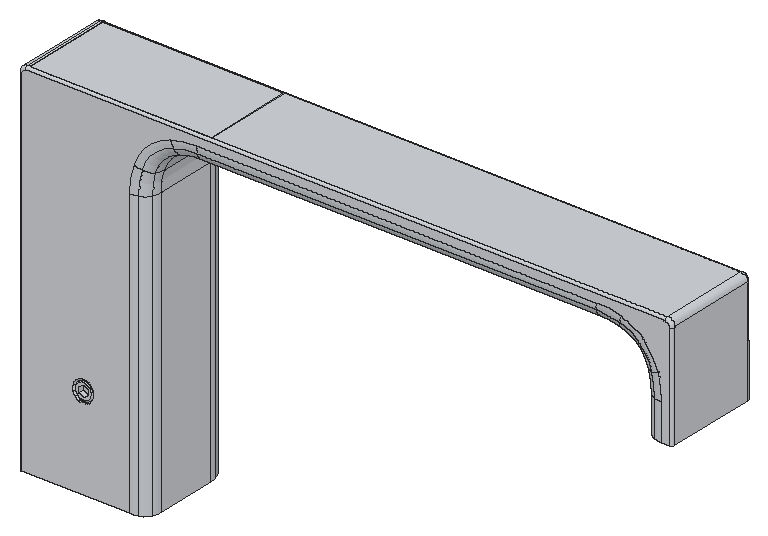
Revit family "Accessory-Tissue_Holder-KOHLER-STRAYT-K-37350T_1", category Specialty Equipment, host Face, Revit 2017
Family settings
  Host = Face
  Round Connector Dimension = Use Diameter
  Part Type = Normal
  OmniClass Number = 23.31.25.21
  Cut with Voids When Loaded = No
  Shared = No
  Room Calculation Point = No
Parameters (values of type "CP-Polished Chrome")
  Width = 6.37795"  # constant formula
  White C = Type = 3  # no
  WaterSense Certified = 1 = 0  # no
  WP = Type = 1  # yes
  URL = "http://www.kohler.com.cn/"
  Type = 1
  Red White C = or(Type = 2, Type = 3)  # no
  Red C = Type = 2  # no
  Product Page URL = "https://www.kohler.com.cn/product/K-37350T-CP/K-37350T-CP/"
  Product Name = "STRAYT"  # constant formula
  Product Documentation Link = "https://files.kohler.com.cn/pdfs/ri_37350t.pdf"
  Model = if(Type = 1, "K-37350T-CP", if(Type = 2, "K-37350T-DPR-CP", if(Type = 3, "K-37350T-DPW-CP", "NA")))  # "K-37350T-CP"
  Material = "Premium Metal Costruction "  # constant formula
  Master Format 2014 Name = "Toilet, Bath, and Laundry Accessories"  # constant formula
  Master Format 2014 = "10 28 00"  # constant formula
  Manufacturer Address = "Kohler Beijing Office (100016) 36-2-03-B, No. 88, Liuxiang Road, Beijing"  # constant formula
  Manufacturer = "KOHLER Co."  # constant formula
  Length = 3.54331"  # constant formula
  Height = 0.94488"  # constant formula
  Finish = Kohler-Metal-CP-Polished_Chrome
  Environmental Product Declaration = ""
  Description = "Toilet paper dispenser"  # constant formula
  Default Elevation = 42"
  Declare Label = ""
  Date Modified = "08/28/2020"  # constant formula
  Date Created = "08/28/2020"  # constant formula
  Copyright = "Copyright KOHLER Co."  # constant formula
  Contact Us = "http://www.kohler.com.cn/contact/contact-us/"
  Assembly Code = "C1030200"
  ADA Compliant = 1 = 0  # no
Types (4): name | White C | WP | Type | Red White C | Red C | Product Page URL | Model
  (no name) | no | yes | 1 | no | no | "https://www.kohler.com.cn/product/K-37350T-CP/K-37350T-CP/" | "K-37350T-CP"
  CP-Polished Chrome | no | yes | 1 | no | no | "https://www.kohler.com.cn/product/K-37350T-CP/K-37350T-CP/" | "K-37350T-CP"
  DPR, CP-Polished Chrome | no | no | 2 | yes | yes | "https://www.kohler.com.cn/product/K-37350T-CP/K-37350T-DPR-CP/" | "K-37350T-DPR-CP"
  DPW, CP-Polished Chrome | yes | no | 3 | yes | no | "https://www.kohler.com.cn/product/K-37350T-CP/K-37350T-DPW-CP/" | "K-37350T-DPW-CP"
Reference planes (in)
  plane 1 "Center (Front/Back)": y = 0
  plane 2: z = 0
  plane 3 "Center (Left/Right)": x = 0
  plane 4: y = 0.47244
  plane 5: x = 3.18898
  plane 6: x = -3.18898
  plane 7: y = -0.47244
  plane 8: x = -1.92913
  plane 9: z = 3.54331
  plane 10: z = 3.54331
  plane 11: z = 2.44094
  plane 12: y = -0.44488
  plane 13: y = 0.44488
  plane 14: x = -3.16142
  plane 15: x = 3.16142
  plane 16: z = 3.26578
  plane 17: z = 3.43989
Dimensions and locks (in)
  "Width": plane 6 to plane 5
  "Height": plane 4 to plane 7
  plane 8 to plane 6 = 1.25984"
  "Length": plane 9 to level
  level to plane 11 = 2.44094"
  aligned and locked: plane 2 to host face
  aligned and locked: level to host face
Automatic sketch dimensions
  host sketch curve to host sketch curve = 96"  (x2)
Nested families (in)
  nested 1: "K-37350T" at (0, 0, 0), type "K-37350T"
Definition of nested family "K-37350T"
  Parameters (values of type "K-37350T")
    Without Pattern = yes
    WC = yes
    RWC = yes
    RC = yes
    Pattern = yes
    Material = none
  Reference planes (in)
    plane 1 "Center (Front/Back)": y = 0
    plane 2: z = 0
    plane 3 "Center (Left/Right)": x = 0
    plane 4: x = 3.18898
    plane 5: x = -3.18898
    plane 6: y = 0.47244
    plane 7: y = -0.47244
    plane 8: x = -1.92913
    plane 9: z = 3.54331
    plane 10: z = 2.44094
    plane 11: y = 0.44488
    plane 12: y = -0.44488
    plane 13: x = -3.16142
    plane 14: x = 3.16142
    plane 15: z = 3.51575
    plane 16: z = 3.43989
    plane 17: z = 3.26578
    plane 18: x = -2.10356
  Forms (in)
    Extrusion 1, solid, material <- "Material", detail levels medium+fine
      sketch origin (0, 0, 0) x (1, 0, 0) y (0, 0, 1)
        loop
          line (-3.16142, 3.47638) -> (-3.16142, 0) -> (-2.14766, 0) -> (-2.14766, 2.79667)
          arc (-2.14766, 2.79667) -> (-2.13656, 2.93642) -> (-2.10356, 3.07267) r 0.88577
          arc (-2.10356, 3.07267) -> (-1.95902, 3.30507) -> (-1.72362, 3.44468) r 0.57677
          arc (-1.72362, 3.44468) -> (-1.59176, 3.47442) -> (-1.45695, 3.48441) r 0.91487
          line (-1.45695, 3.48441) -> (2.44065, 3.48441)
          arc (2.44065, 3.48441) -> (2.57031, 3.47562) -> (2.69758, 3.44942) r 0.96078
          arc (2.69758, 3.44942) -> (2.94836, 3.30323) -> (3.09483, 3.05262) r 0.57087
          arc (3.09483, 3.05262) -> (3.12111, 2.92552) -> (3.12992, 2.79602) r 0.95565
          line (3.12992, 2.79602) -> (3.12992, 2.44094) -> (3.16142, 2.44094) -> (3.16142, 3.47638)
          arc (3.16142, 3.47638) -> (3.14989, 3.50422) -> (3.12205, 3.51575) r 0.03937
          line (3.12205, 3.51575) -> (-3.12205, 3.51575)
          arc (-3.12205, 3.51575) -> (-3.14989, 3.50422) -> (-3.16142, 3.47638) r 0.03937
      from -0.47244 to 0.47244
    Sweep 2, solid, material <- "Material", detail levels medium+fine
      path origin (0, 0, 0) x (1, 0, 0) y (0, 0, 1)
        loop
          line (-2.10828, 0) -> (-2.10828, 2.79667)
          arc (-2.10828, 2.79667) -> (-2.09768, 2.93021) -> (-2.06615, 3.0604) r 0.8464
          arc (-2.06615, 3.0604) -> (-1.93147, 3.27694) -> (-1.71214, 3.40702) r 0.5374
          arc (-1.71214, 3.40702) -> (-1.58596, 3.43548) -> (-1.45695, 3.44504) r 0.8755
          line (-1.45695, 3.44504) -> (2.44065, 3.44504)
          arc (2.44065, 3.44504) -> (2.56499, 3.43661) -> (2.68706, 3.41148) r 0.92141
          arc (2.68706, 3.41148) -> (2.92054, 3.27538) -> (3.0569, 3.04205) r 0.5315
          arc (3.0569, 3.04205) -> (3.0821, 2.92018) -> (3.09055, 2.79602) r 0.91628
          line (3.09055, 2.79602) -> (3.09055, 2.44094)
      profile origin (-2.10828, 0, 1.39834) x (-1, 0, 0) y (0, -1, 0)
        loop
          line (0.03937, 0.47244) -> (-0.00472, 0.47244)
          arc (-0.00472, 0.47244) -> (-0.04241, 0.46972) -> (-0.07931, 0.46162) r 0.26243
          arc (-0.07931, 0.46162) -> (-0.12757, 0.43524) -> (-0.16071, 0.39135) r 0.13071
          arc (-0.16071, 0.39135) -> (-0.17449, 0.35061) -> (-0.17915, 0.30787) r 0.19822
          line (-0.17915, 0.30787) -> (-0.17915, -0.29528)
          arc (-0.17915, -0.29528) -> (-0.17612, -0.33559) -> (-0.16708, -0.37499) r 0.26917
          arc (-0.16708, -0.37499) -> (-0.1341, -0.42925) -> (-0.07945, -0.46158) r 0.13071
          arc (-0.07945, -0.46158) -> (-0.04248, -0.46971) -> (-0.00472, -0.47244) r 0.26243
          line (-0.00472, -0.47244) -> (0.03937, -0.47244) -> (0.03937, 0.47244)
    Sweep 3, solid, material <- "Material", detail levels medium+fine
      path origin (0, 0, 0) x (1, 0, 0) y (0, 0, 1)
        loop
          line (3.16142, 2.44094) -> (3.16142, 3.47638)
          arc (3.16142, 3.47638) -> (3.14989, 3.50422) -> (3.12205, 3.51575) r 0.03937
          line (3.12205, 3.51575) -> (-3.12205, 3.51575)
          arc (-3.12205, 3.51575) -> (-3.14989, 3.50422) -> (-3.16142, 3.47638) r 0.03937
          line (-3.16142, 3.47638) -> (-3.16142, 0)
      profile origin (-3.16142, 0, 1.73819) x (0, -1, 0) y (1, 0, 0)
        loop
          arc (0.44488, -0.02756) -> (0.46437, -0.01949) -> (0.47244, 0) r 0.02756
          line (0.47244, 0) -> (0.47244, 0.03091) -> (-0.47244, 0.03091) -> (-0.47244, 0)
          arc (-0.47244, 0) -> (-0.46437, -0.01949) -> (-0.44488, -0.02756) r 0.02756
          line (-0.44488, -0.02756) -> (0.44488, -0.02756)
    Extrusion 4, void
      sketch origin (0, 0, 0) x (1, 0, 0) y (0, 0, 1)
        loop
          line (-2.60827, 0.93392) -> (-2.60827, 0.8771) -> (-2.55906, 0.84869) -> (-2.50984, 0.8771) -> (-2.50984, 0.93392) -> (-2.55906, 0.96234) -> (-2.60827, 0.93392)
      from 0.41339 to 0.47244
    Revolve 5, void
      sketch origin (-2.55906, 0, 0) x (0, 1, 0) y (0, 0, 1)
        loop
          line (-0.46034, 0.99631) -> (-0.48284, 1.01881) -> (-0.48284, 0.97381) -> (-0.46034, 0.99631)
        axis (-0.48284, 0.90551) -> (-0.44347, 0.90551)
      angle from 0 to 360
    Extrusion 6, solid, material <- "Material", detail levels coarse
      sketch origin (0, 0, 0) x (1, 0, 0) y (0, 0, 1)
        loop
          line (-3.18898, 3.54331) -> (-3.18898, 0) -> (-1.92913, 0) -> (-1.92913, 2.84418)
          arc (-1.92913, 2.84418) -> (-1.80565, 3.14229) -> (-1.50754, 3.26578) r 0.42159
          line (-1.50754, 3.26578) -> (2.5177, 3.26578)
          arc (2.5177, 3.26578) -> (2.79609, 3.15046) -> (2.9114, 2.87207) r 0.3937
          line (2.9114, 2.87207) -> (2.9114, 2.44094) -> (3.18898, 2.44094) -> (3.18898, 3.54331) -> (-3.18898, 3.54331)
      from -0.47244 to 0.47244
    Extrusion 7, void
      sketch origin (0, 0, 0) x (1, 0, 0) y (0, 1, 0)
        loop
          line (-1.49827, 0.37402) -> (-1.54479, 0.37402)
          arc (-1.54479, 0.37402) -> (-1.56089, 0.37003) -> (-1.57327, 0.359) r 0.0345
          line (-1.57327, 0.359) -> (-1.64309, 0.25698)
          arc (-1.64309, 0.25698) -> (-1.64822, 0.23586) -> (-1.63807, 0.21664) r 0.03068
          line (-1.63807, 0.21664) -> (-1.50603, 0.10018)
          arc (-1.50603, 0.10018) -> (-1.48688, 0.0973) -> (-1.47638, 0.11357) r 0.01785
          line (-1.47638, 0.11357) -> (-1.47638, 0.35213)
          arc (-1.47638, 0.35213) -> (-1.48279, 0.3676) -> (-1.49827, 0.37402) r 0.02189
        loop
          line (-1.789, 0.34976) -> (-1.70831, 0.27859)
          arc (-1.70831, 0.27859) -> (-1.68966, 0.27283) -> (-1.673, 0.28299) r 0.02375
          line (-1.673, 0.28299) -> (-1.62599, 0.35168)
          arc (-1.62599, 0.35168) -> (-1.62514, 0.3664) -> (-1.63777, 0.37402) r 0.01428
          line (-1.63777, 0.37402) -> (-1.77983, 0.37402)
          arc (-1.77983, 0.37402) -> (-1.7928, 0.36505) -> (-1.789, 0.34976) r 0.01386
        loop
          line (-1.61875, 0.1471) -> (-1.85737, 0.35756)
          arc (-1.85737, 0.35756) -> (-1.87763, 0.36976) -> (-1.90091, 0.37402) r 0.06582
          line (-1.90091, 0.37402) -> (-2.05174, 0.37402)
          arc (-2.05174, 0.37402) -> (-2.06901, 0.36431) -> (-2.06969, 0.3445) r 0.02022
          line (-2.06969, 0.3445) -> (-2.00213, 0.21403)
          arc (-2.00213, 0.21403) -> (-1.9915, 0.20145) -> (-1.97647, 0.19471) r 0.03711
          line (-1.97647, 0.19471) -> (-1.62965, 0.12513)
          arc (-1.62965, 0.12513) -> (-1.61577, 0.13194) -> (-1.61875, 0.1471) r 0.0127
        loop
          line (-1.54887, 0.06878) -> (-1.7041, 0.09991)
          arc (-1.7041, 0.09991) -> (-1.72226, 0.09607) -> (-1.73195, 0.08025) r 0.02348
          line (-1.73195, 0.08025) -> (-1.75503, -0.07978)
          arc (-1.75503, -0.07978) -> (-1.73569, -0.11668) -> (-1.69458, -0.10989) r 0.03556
          line (-1.69458, -0.10989) -> (-1.54148, 0.04454)
          arc (-1.54148, 0.04454) -> (-1.53794, 0.05886) -> (-1.54887, 0.06878) r 0.01439
        loop
          line (-1.84929, -0.03145) -> (-1.78775, 0.03571)
          arc (-1.78775, 0.03571) -> (-1.77866, 0.04923) -> (-1.77395, 0.06483) r 0.05466
          line (-1.77395, 0.06483) -> (-1.76707, 0.11255) -> (-1.94149, 0.14753)
          arc (-1.94149, 0.14753) -> (-1.95575, 0.14211) -> (-1.95702, 0.12692) r 0.01432
          line (-1.95702, 0.12692) -> (-1.87692, -0.02778)
          arc (-1.87692, -0.02778) -> (-1.86406, -0.03681) -> (-1.84929, -0.03145) r 0.017
        loop
          line (-1.98797, 0.10106) -> (-2.1146, 0.34562)
          arc (-2.1146, 0.34562) -> (-2.12772, 0.3536) -> (-2.14085, 0.34563) r 0.01478
          line (-2.14085, 0.34563) -> (-2.22471, 0.18399)
          arc (-2.22471, 0.18399) -> (-2.22551, 0.16889) -> (-2.21467, 0.15834) r 0.01831
          line (-2.21467, 0.15834) -> (-2.00432, 0.08241)
          arc (-2.00432, 0.08241) -> (-1.98978, 0.08616) -> (-1.98797, 0.10106) r 0.01332
        loop
          line (-2.2579, 0.2055) -> (-2.18342, 0.34908)
          arc (-2.18342, 0.34908) -> (-2.18398, 0.36581) -> (-2.19857, 0.37402) r 0.01708
          line (-2.19857, 0.37402) -> (-2.44708, 0.37402)
          arc (-2.44708, 0.37402) -> (-2.46399, 0.36529) -> (-2.46667, 0.34645) r 0.02075
          line (-2.46667, 0.34645) -> (-2.43546, 0.25676)
          arc (-2.43546, 0.25676) -> (-2.42437, 0.23896) -> (-2.4067, 0.22766) r 0.04756
          line (-2.4067, 0.22766) -> (-2.29985, 0.18909)
          arc (-2.29985, 0.18909) -> (-2.27579, 0.18941) -> (-2.2579, 0.2055) r 0.03419
        loop
          line (-2.06794, 0.04969) -> (-2.17579, -0.01274)
          arc (-2.17579, -0.01274) -> (-2.19072, -0.02565) -> (-2.19986, -0.04314) r 0.05277
          line (-2.19986, -0.04314) -> (-2.22415, -0.12346)
          arc (-2.22415, -0.12346) -> (-2.22347, -0.13865) -> (-2.21342, -0.15007) r 0.02291
          line (-2.21342, -0.15007) -> (-2.06225, -0.23484)
          arc (-2.06225, -0.23484) -> (-2.04582, -0.23777) -> (-2.03112, -0.22985) r 0.02538
          line (-2.03112, -0.22985) -> (-1.90797, -0.09548)
          arc (-1.90797, -0.09548) -> (-1.90049, -0.07944) -> (-1.90353, -0.06201) r 0.02948
          line (-1.90353, -0.06201) -> (-1.93497, -0.00128)
          arc (-1.93497, -0.00128) -> (-1.94857, 0.01608) -> (-1.96756, 0.02728) r 0.05941
          line (-1.96756, 0.02728) -> (-2.03724, 0.05244)
          arc (-2.03724, 0.05244) -> (-2.0529, 0.05446) -> (-2.06794, 0.04969) r 0.03652
        loop
          line (-1.81614, -0.05354) -> (-1.99364, -0.24723)
          arc (-1.99364, -0.24723) -> (-1.99827, -0.26267) -> (-1.98905, -0.27589) r 0.01852
          line (-1.98905, -0.27589) -> (-1.8562, -0.35039)
          arc (-1.8562, -0.35039) -> (-1.84103, -0.35079) -> (-1.83212, -0.33852) r 0.01628
          line (-1.83212, -0.33852) -> (-1.79263, -0.06467)
          arc (-1.79263, -0.06467) -> (-1.80027, -0.05043) -> (-1.81614, -0.05354) r 0.01361
        loop
          line (-1.76929, -0.17867) -> (-1.79426, -0.35178)
          arc (-1.79426, -0.35178) -> (-1.78971, -0.3673) -> (-1.775, -0.37402) r 0.01946
          line (-1.775, -0.37402) -> (-1.62949, -0.37402)
          arc (-1.62949, -0.37402) -> (-1.61258, -0.36354) -> (-1.61444, -0.34373) r 0.01888
          line (-1.61444, -0.34373) -> (-1.74437, -0.17224)
          arc (-1.74437, -0.17224) -> (-1.75897, -0.16716) -> (-1.76929, -0.17867) r 0.01395
        loop
          line (-1.63008, -0.25788) -> (-1.54209, -0.37402) -> (-1.49895, -0.37402)
          arc (-1.49895, -0.37402) -> (-1.48299, -0.36741) -> (-1.47638, -0.35145) r 0.02257
          line (-1.47638, -0.35145) -> (-1.47638, -0.30592)
          arc (-1.47638, -0.30592) -> (-1.48184, -0.28894) -> (-1.49619, -0.27833) r 0.02912
          line (-1.49619, -0.27833) -> (-1.61576, -0.23798)
          arc (-1.61576, -0.23798) -> (-1.63027, -0.24264) -> (-1.63008, -0.25788) r 0.01283
        loop
          line (-1.67329, -0.17701) -> (-1.49994, -0.23551)
          arc (-1.49994, -0.23551) -> (-1.48382, -0.23309) -> (-1.47638, -0.21859) r 0.01785
          line (-1.47638, -0.21859) -> (-1.47641, 0.02146)
          arc (-1.47641, 0.02146) -> (-1.48477, 0.03394) -> (-1.4995, 0.03096) r 0.0135
          line (-1.4995, 0.03096) -> (-1.67953, -0.15062)
          arc (-1.67953, -0.15062) -> (-1.68373, -0.16555) -> (-1.67329, -0.17701) r 0.01598
        loop
          line (-2.27367, -0.0694) -> (-2.46902, -0.18248)
          arc (-2.46902, -0.18248) -> (-2.4783, -0.19565) -> (-2.47433, -0.21126) r 0.01925
          line (-2.47433, -0.21126) -> (-2.3621, -0.34974)
          arc (-2.3621, -0.34974) -> (-2.34521, -0.35586) -> (-2.33189, -0.34381) r 0.01742
          line (-2.33189, -0.34381) -> (-2.25371, -0.08521)
          arc (-2.25371, -0.08521) -> (-2.25832, -0.07052) -> (-2.27367, -0.0694) r 0.01369
        loop
          arc (-2.13353, 0.05722) -> (-2.12504, 0.07359) -> (-2.13629, 0.08819) r 0.01715
          line (-2.13629, 0.08819) -> (-2.37939, 0.17595)
          arc (-2.37939, 0.17595) -> (-2.39628, 0.17223) -> (-2.40019, 0.15539) r 0.0162
          line (-2.40019, 0.15539) -> (-2.33511, -0.03162)
          arc (-2.33511, -0.03162) -> (-2.32302, -0.04397) -> (-2.3058, -0.04251) r 0.02028
          line (-2.3058, -0.04251) -> (-2.13353, 0.05722)
        loop
          arc (-2.4726, 0.08634) -> (-2.49534, 0.09186) -> (-2.5173, 0.08378) r 0.04018
          line (-2.5173, 0.08378) -> (-2.61471, 0.01)
          arc (-2.61471, 0.01) -> (-2.6261, -0.00983) -> (-2.61978, -0.0318) r 0.02929
          line (-2.61978, -0.0318) -> (-2.53066, -0.14176)
          arc (-2.53066, -0.14176) -> (-2.51179, -0.15297) -> (-2.49016, -0.14923) r 0.03169
          line (-2.49016, -0.14923) -> (-2.38237, -0.08683)
          arc (-2.38237, -0.08683) -> (-2.36978, -0.0719) -> (-2.36958, -0.05237) r 0.02886
          line (-2.36958, -0.05237) -> (-2.39744, 0.0277)
          arc (-2.39744, 0.0277) -> (-2.40627, 0.04347) -> (-2.41998, 0.05524) r 0.05173
          line (-2.41998, 0.05524) -> (-2.4726, 0.08634)
        loop
          line (-2.84327, 0.35112) -> (-2.45806, 0.12348)
          arc (-2.45806, 0.12348) -> (-2.44137, 0.12475) -> (-2.43682, 0.14087) r 0.01462
          line (-2.43682, 0.14087) -> (-2.51121, 0.35463)
          arc (-2.51121, 0.35463) -> (-2.52175, 0.36868) -> (-2.53848, 0.37402) r 0.02888
          line (-2.53848, 0.37402) -> (-2.83701, 0.37402)
          arc (-2.83701, 0.37402) -> (-2.84888, 0.36495) -> (-2.84327, 0.35112) r 0.01231
        loop
          line (-2.19155, -0.20747) -> (-2.22033, -0.19134)
          arc (-2.22033, -0.19134) -> (-2.23686, -0.19028) -> (-2.24804, -0.2025) r 0.01916
          line (-2.24804, -0.2025) -> (-2.29265, -0.35006)
          arc (-2.29265, -0.35006) -> (-2.28978, -0.36651) -> (-2.27486, -0.37402) r 0.01858
          line (-2.27486, -0.37402) -> (-2.16196, -0.37402)
          arc (-2.16196, -0.37402) -> (-2.14719, -0.36693) -> (-2.14347, -0.35099) r 0.01893
          line (-2.14347, -0.35099) -> (-2.16834, -0.23873)
          arc (-2.16834, -0.23873) -> (-2.17661, -0.22062) -> (-2.19155, -0.20747) r 0.04765
        loop
          line (-2.12037, -0.27326) -> (-2.10257, -0.3536)
          arc (-2.10257, -0.3536) -> (-2.09345, -0.36828) -> (-2.07714, -0.37402) r 0.02605
          line (-2.07714, -0.37402) -> (-1.94061, -0.37402)
          arc (-1.94061, -0.37402) -> (-1.92897, -0.36503) -> (-1.93473, -0.35149) r 0.01203
          line (-1.93473, -0.35149) -> (-2.10052, -0.25852)
          arc (-2.10052, -0.25852) -> (-2.11522, -0.25946) -> (-2.12037, -0.27326) r 0.01354
        loop
          line (-2.64034, -0.37402) -> (-2.42266, -0.37402)
          arc (-2.42266, -0.37402) -> (-2.40994, -0.36599) -> (-2.41171, -0.35105) r 0.01409
          line (-2.41171, -0.35105) -> (-2.44843, -0.30575)
          arc (-2.44843, -0.30575) -> (-2.46501, -0.29139) -> (-2.48553, -0.28361) r 0.0627
          line (-2.48553, -0.28361) -> (-2.57565, -0.26663)
          arc (-2.57565, -0.26663) -> (-2.59448, -0.26872) -> (-2.60893, -0.28099) r 0.0324
          line (-2.60893, -0.28099) -> (-2.65332, -0.35027)
          arc (-2.65332, -0.35027) -> (-2.65387, -0.36599) -> (-2.64034, -0.37402) r 0.01542
        loop
          line (-2.93155, -0.22227) -> (-2.78215, -0.36076)
          arc (-2.78215, -0.36076) -> (-2.74286, -0.37407) -> (-2.70674, -0.35364) r 0.05079
          line (-2.70674, -0.35364) -> (-2.65103, -0.27805)
          arc (-2.65103, -0.27805) -> (-2.64882, -0.2612) -> (-2.66192, -0.25037) r 0.01757
          line (-2.66192, -0.25037) -> (-2.9211, -0.20153)
          arc (-2.9211, -0.20153) -> (-2.93413, -0.20796) -> (-2.93155, -0.22227) r 0.01209
        loop
          line (-2.97444, -0.2362) -> (-3.0669, -0.15049)
          arc (-3.0669, -0.15049) -> (-3.0821, -0.14792) -> (-3.09055, -0.16082) r 0.01408
          line (-3.09055, -0.16082) -> (-3.09055, -0.3206)
          arc (-3.09055, -0.3206) -> (-3.08252, -0.3338) -> (-3.06709, -0.33273) r 0.01487
          line (-3.06709, -0.33273) -> (-2.97658, -0.26865)
          arc (-2.97658, -0.26865) -> (-2.96778, -0.25294) -> (-2.97444, -0.2362) r 0.02095
        loop
          line (-2.99647, -0.14726) -> (-2.93975, -0.15795)
          arc (-2.93975, -0.15795) -> (-2.91074, -0.1573) -> (-2.88449, -0.14495) r 0.07004
          line (-2.88449, -0.14495) -> (-2.79763, -0.07916)
          arc (-2.79763, -0.07916) -> (-2.78496, -0.06078) -> (-2.78573, -0.03846) r 0.0356
          line (-2.78573, -0.03846) -> (-2.81316, 0.03584) -> (-2.93553, 0.13728)
          arc (-2.93553, 0.13728) -> (-2.95544, 0.14201) -> (-2.9713, 0.12908) r 0.02311
          line (-2.9713, 0.12908) -> (-3.06364, -0.07321)
          arc (-3.06364, -0.07321) -> (-3.06565, -0.09061) -> (-3.0571, -0.1059) r 0.02846
          line (-3.0571, -0.1059) -> (-3.03155, -0.12957)
          arc (-3.03155, -0.12957) -> (-3.01526, -0.14089) -> (-2.99647, -0.14726) r 0.07094
        loop
          line (-2.52441, -0.212) -> (-2.65427, -0.05177)
          arc (-2.65427, -0.05177) -> (-2.67148, -0.04225) -> (-2.69046, -0.04738) r 0.02621
          line (-2.69046, -0.04738) -> (-2.83113, -0.15392)
          arc (-2.83113, -0.15392) -> (-2.83645, -0.1687) -> (-2.8251, -0.17956) r 0.0144
          line (-2.8251, -0.17956) -> (-2.5374, -0.23378)
          arc (-2.5374, -0.23378) -> (-2.5233, -0.22743) -> (-2.52441, -0.212) r 0.0135
        loop
          line (-2.86494, 0.28975) -> (-2.75279, -0.01401)
          arc (-2.75279, -0.01401) -> (-2.74012, -0.02583) -> (-2.72308, -0.0227) r 0.01927
          line (-2.72308, -0.0227) -> (-2.55306, 0.10608)
          arc (-2.55306, 0.10608) -> (-2.54621, 0.12091) -> (-2.55471, 0.13486) r 0.01735
          line (-2.55471, 0.13486) -> (-2.84499, 0.3064)
          arc (-2.84499, 0.3064) -> (-2.86084, 0.30512) -> (-2.86494, 0.28975) r 0.01379
        loop
          line (-3.09055, 0.23413) -> (-3.09055, 0.01634)
          arc (-3.09055, 0.01634) -> (-3.08136, 0.00493) -> (-3.06825, 0.01149) r 0.01168
          line (-3.06825, 0.01149) -> (-2.99912, 0.16294)
          arc (-2.99912, 0.16294) -> (-2.99729, 0.18094) -> (-3.00677, 0.19633) r 0.02817
          line (-3.00677, 0.19633) -> (-3.06618, 0.24558)
          arc (-3.06618, 0.24558) -> (-3.082, 0.24759) -> (-3.09055, 0.23413) r 0.01487
        loop
          line (-3.09055, 0.31692) -> (-2.87885, 0.14143)
          arc (-2.87885, 0.14143) -> (-2.86252, 0.14081) -> (-2.85768, 0.15642) r 0.01343
          line (-2.85768, 0.15642) -> (-2.92961, 0.35123)
          arc (-2.92961, 0.35123) -> (-2.94238, 0.36776) -> (-2.9623, 0.37402) r 0.03485
          line (-2.9623, 0.37402) -> (-3.06609, 0.37402)
          arc (-3.06609, 0.37402) -> (-3.08339, 0.36685) -> (-3.09055, 0.34955) r 0.02446
          line (-3.09055, 0.34955) -> (-3.09055, 0.31692)
        loop
          line (-2.94102, -0.29172) -> (-3.02439, -0.35074)
          arc (-3.02439, -0.35074) -> (-3.0292, -0.36509) -> (-3.01699, -0.37402) r 0.01282
          line (-3.01699, -0.37402) -> (-2.86015, -0.37402)
          arc (-2.86015, -0.37402) -> (-2.84759, -0.36545) -> (-2.85098, -0.35064) r 0.01349
          line (-2.85098, -0.35064) -> (-2.91252, -0.2936)
          arc (-2.91252, -0.2936) -> (-2.92644, -0.2876) -> (-2.94102, -0.29172) r 0.02266
      from 3.51797 to 3.6693
    Extrusion 8, solid, material <- "Material", visible <- "RWC", detail levels medium+fine
      sketch origin (0, 0, 0) x (1, 0, 0) y (0, 1, 0)
        loop
          line (-3.10548, 0.44488) -> (-3.10548, -0.44488) -> (-1.33229, -0.44488) -> (-1.33229, 0.44488) -> (-3.10548, 0.44488)
      from 3.48441 to 3.54331
    Extrusion 9, solid, material <- "Material", visible <- "Without Pattern", detail levels medium+fine
      sketch origin (0, 0, 0) x (0, 1, 0) y (0, 0, 1)
        loop
          line (0.44488, 3.54331) -> (-0.44488, 3.54331) -> (-0.44488, 3.48441) -> (0.44488, 3.48441) -> (0.44488, 3.54331)
      from -3.10548 to -1.33229
    Extrusion 10, void
      sketch origin (0, 0, 0) x (1, 0, 0) y (0, 1, 0)
        loop
          line (-1.33229, 0.44488) -> (-3.10548, 0.44488) -> (-3.10548, -0.44488) -> (-1.33229, -0.44488) -> (-1.33229, 0.44488)
      from 3.48441 to 3.6065
    Extrusion 11, solid, visible <- "RC", detail levels medium+fine
      sketch origin (0, 0, 0) x (1, 0, 0) y (0, 0, 1)
        loop
          line (-3.10548, 3.48441) -> (-1.33229, 3.48441) -> (-1.33229, 3.52105) -> (-3.10548, 3.52105) -> (-3.10548, 3.48441)
      from -0.44488 to 0.44488
    Extrusion 12, solid, visible <- "WC", detail levels medium+fine
      sketch origin (0, 0, -0.12839) x (1, 0, 0) y (0, 0, 1)
        loop
          line (-3.10548, 3.61279) -> (-1.33229, 3.61279) -> (-1.33229, 3.64944) -> (-3.10548, 3.64944) -> (-3.10548, 3.61279)
      from -0.44488 to 0.44488
  Cuts and joins
    Extrusion 4, Revolve 5, Extrusion 10 cuts Extrusion 1
    Extrusion 4, Extrusion 10 cuts Sweep 2
    Extrusion 4, Extrusion 10 cuts Sweep 3
    joined: Extrusion 1, Sweep 2, Sweep 3
    Extrusion 7 cuts Extrusion 8
  Lines and regions (in)
    Masking region 1
      outline origin (0, 0, 0) x (1, 0, 0) y (0, 1, 0)
        loop
          line (3.16142, 0.47244) -> (-3.16142, 0.47244)
          arc (-3.16142, 0.47244) -> (-3.1809, 0.46437) -> (-3.18898, 0.44488) r 0.02756
          line (-3.18898, 0.44488) -> (-3.18898, -0.44488)
          arc (-3.18898, -0.44488) -> (-3.1809, -0.46437) -> (-3.16142, -0.47244) r 0.02756
          line (-3.16142, -0.47244) -> (3.16142, -0.47244)
          arc (3.16142, -0.47244) -> (3.1809, -0.46437) -> (3.18898, -0.44488) r 0.02756
          line (3.18898, -0.44488) -> (3.18898, 0.44488)
          arc (3.18898, 0.44488) -> (3.1809, 0.46437) -> (3.16142, 0.47244) r 0.02756
    Masking region 2
      outline origin (0, 0, 0) x (1, 0, 0) y (0, 0, 1)
        loop
          line (-1.92913, 0) -> (-1.92913, 2.8327)
          arc (-1.92913, 2.8327) -> (-1.90485, 2.98345) -> (-1.83445, 3.11895) r 0.48001
          arc (-1.83445, 3.11895) -> (-1.79425, 3.16305) -> (-1.74607, 3.19826) r 0.29815
          arc (-1.74607, 3.19826) -> (-1.61254, 3.24865) -> (-1.47084, 3.26578) r 0.59476
          line (-1.47084, 3.26578) -> (2.5177, 3.26578)
          arc (2.5177, 3.26578) -> (2.79609, 3.15046) -> (2.9114, 2.87207) r 0.3937
          line (2.9114, 2.87207) -> (2.9114, 2.4685)
          arc (2.9114, 2.4685) -> (2.91947, 2.44902) -> (2.93896, 2.44094) r 0.02756
          line (2.93896, 2.44094) -> (3.16142, 2.44094)
          arc (3.16142, 2.44094) -> (3.1809, 2.44902) -> (3.18898, 2.4685) r 0.02756
          line (3.18898, 2.4685) -> (3.18898, 3.47638)
          arc (3.18898, 3.47638) -> (3.16937, 3.5237) -> (3.12205, 3.54331) r 0.06693
          line (3.12205, 3.54331) -> (-3.12205, 3.54331)
          arc (-3.12205, 3.54331) -> (-3.16937, 3.5237) -> (-3.18898, 3.47638) r 0.06693
          line (-3.18898, 3.47638) -> (-3.18898, 0) -> (-1.92913, 0)
    Masking region 3
      outline origin (0, 0, 0) x (0, 1, 0) y (0, 0, 1)
        loop
          arc (0.47244, 3.51575) -> (0.46437, 3.53524) -> (0.44488, 3.54331) r 0.02756
          line (0.44488, 3.54331) -> (-0.44488, 3.54331)
          arc (-0.44488, 3.54331) -> (-0.46437, 3.53524) -> (-0.47244, 3.51575) r 0.02756
          line (-0.47244, 3.51575) -> (-0.47244, 0) -> (0.47244, 0) -> (0.47244, 3.51575)
    symbolic lines, detail levels medium+fine
      curve 1: line (-3.16142, 0.44488, 0) -> (-3.16142, -0.44488, 0)
      curve 2: line (-3.16142, -0.44488, 0) -> (3.16142, -0.44488, 0)
      curve 3: line (3.16142, 0.44488, 0) -> (3.16142, -0.44488, 0)
      curve 4: line (-3.16142, 0.44488, 0) -> (3.16142, 0.44488, 0)
      curve 5: line (3.16142, 0, 2.4685) -> (3.16142, 0, 3.47638)
      curve 6: arc (3.16142, 0, 3.47638) -> (3.14989, 0, 3.50422) -> (3.12205, 0, 3.51575) r 0.03937
      curve 7: line (3.12205, 0, 3.51575) -> (-3.09961, 0, 3.51575)
      curve 8: arc (-3.09961, 0, 3.51575) -> (-3.14331, 0, 3.49764) -> (-3.16142, 0, 3.45394) r 0.06181
      curve 9: line (-3.16142, 0, 3.45394) -> (-3.16142, 0, 0)
      curve 10: line (-2.10356, 0, 0) -> (-2.10356, 0, 2.8327)
      curve 11: line (3.08581, 0, 2.4685) -> (3.08581, 0, 2.87207)
      curve 12: line (-1.49196, 0, 3.43989) -> (2.53585, 0, 3.43989)
      curve 13: arc (2.53585, 0, 3.43989) -> (2.92578, 0, 3.26732) -> (3.08581, 0, 2.87207) r 0.56811
      curve 14: arc (-1.83043, 0, 3.35095) -> (-1.66632, 0, 3.41493) -> (-1.49196, 0, 3.43989) r 0.76917
      curve 15: arc (-2.10354, 0, 2.8327) -> (-2.07043, 0, 3.03823) -> (-1.97445, 0, 3.22295) r 0.65442
      curve 16: arc (-1.97445, 0, 3.22295) -> (-1.90903, 0, 3.29437) -> (-1.83043, 0, 3.35095) r 0.47256
      curve 17: line (2.9114, 0, 2.4685) -> (3.18898, 0, 2.4685)
      curve 18: line (0, 0.44488, 0) -> (0, 0.44488, 3.51575)
      curve 19: line (0, 0.44488, 3.51575) -> (0, -0.44488, 3.51575)
      curve 20: line (0, -0.44488, 3.51575) -> (0, -0.44488, 0)
      curve 21: line (0, -0.47244, 2.44094) -> (0, 0.47244, 2.44094)
    symbolic lines, visible <- "RWC", detail levels medium+fine
      curve 22: line (-3.06609, 0.37402, 0) -> (-2.9623, 0.37402, 0)
      curve 23: arc (-2.9623, 0.37402, 0) -> (-2.94238, 0.36776, 0) -> (-2.92961, 0.35123, 0) r 0.03485
      curve 24: line (-2.92961, 0.35123, 0) -> (-2.85768, 0.15642, 0)
      curve 25: arc (-2.85768, 0.15642, 0) -> (-2.86252, 0.14081, 0) -> (-2.87885, 0.14143, 0) r 0.01343
      curve 26: line (-2.87885, 0.14143, 0) -> (-3.09055, 0.31692, 0)
      curve 27: line (-3.09055, 0.31692, 0) -> (-3.09055, 0.34955, 0)
      curve 28: arc (-3.09055, 0.34955, 0) -> (-3.08339, 0.36685, 0) -> (-3.06609, 0.37402, 0) r 0.02446
      curve 29: line (-2.83701, 0.37402, 0) -> (-2.53848, 0.37402, 0)
      curve 30: arc (-2.53848, 0.37402, 0) -> (-2.52175, 0.36868, 0) -> (-2.51121, 0.35463, 0) r 0.02888
      curve 31: line (-2.51121, 0.35463, 0) -> (-2.43682, 0.14087, 0)
      curve 32: arc (-2.43682, 0.14087, 0) -> (-2.44137, 0.12475, 0) -> (-2.45806, 0.12348, 0) r 0.01462
      curve 33: line (-2.45806, 0.12348, 0) -> (-2.84327, 0.35112, 0)
      curve 34: arc (-2.84327, 0.35112, 0) -> (-2.84888, 0.36495, 0) -> (-2.83701, 0.37402, 0) r 0.01231
      curve 35: line (-2.84499, 0.3064, 0) -> (-2.55471, 0.13486, 0)
      curve 36: arc (-2.55471, 0.13486, 0) -> (-2.54621, 0.12091, 0) -> (-2.55306, 0.10608, 0) r 0.01735
      curve 37: line (-2.55306, 0.10608, 0) -> (-2.72308, -0.0227, 0)
      curve 38: arc (-2.72308, -0.0227, 0) -> (-2.74012, -0.02583, 0) -> (-2.75279, -0.01401, 0) r 0.01927
      curve 39: line (-2.75279, -0.01401, 0) -> (-2.86494, 0.28975, 0)
      curve 40: arc (-2.86494, 0.28975, 0) -> (-2.86084, 0.30512, 0) -> (-2.84499, 0.3064, 0) r 0.01379
      curve 41: line (-3.06618, 0.24558, 0) -> (-3.00677, 0.19633, 0)
      curve 42: arc (-3.00677, 0.19633, 0) -> (-2.99729, 0.18094, 0) -> (-2.99912, 0.16294, 0) r 0.02817
      curve 43: line (-2.99912, 0.16294, 0) -> (-3.06825, 0.01149, 0)
      curve 44: arc (-3.06825, 0.01149, 0) -> (-3.08136, 0.00493, 0) -> (-3.09055, 0.01634, 0) r 0.01168
      curve 45: line (-3.09055, 0.01634, 0) -> (-3.09055, 0.23413, 0)
      curve 46: arc (-3.09055, 0.23413, 0) -> (-3.082, 0.24759, 0) -> (-3.06618, 0.24558, 0) r 0.01487
      curve 47: line (-3.06364, -0.07321, 0) -> (-2.9713, 0.12908, 0)
      curve 48: arc (-2.9713, 0.12908, 0) -> (-2.95544, 0.14201, 0) -> (-2.93553, 0.13728, 0) r 0.02311
      curve 49: line (-2.93553, 0.13728, 0) -> (-2.81316, 0.03584, 0)
      curve 50: line (-2.81316, 0.03584, 0) -> (-2.78573, -0.03846, 0)
      curve 51: arc (-2.78573, -0.03846, 0) -> (-2.78496, -0.06078, 0) -> (-2.79763, -0.07916, 0) r 0.0356
      curve 52: line (-2.79763, -0.07916, 0) -> (-2.88449, -0.14495, 0)
      curve 53: arc (-2.88449, -0.14495, 0) -> (-2.91074, -0.1573, 0) -> (-2.93975, -0.15795, 0) r 0.07004
      curve 54: line (-2.93975, -0.15795, 0) -> (-2.99647, -0.14726, 0)
      curve 55: arc (-2.99647, -0.14726, 0) -> (-3.01526, -0.14089, 0) -> (-3.03155, -0.12957, 0) r 0.07094
      curve 56: line (-3.03155, -0.12957, 0) -> (-3.0571, -0.1059, 0)
      curve 57: arc (-3.0571, -0.1059, 0) -> (-3.06565, -0.09061, 0) -> (-3.06364, -0.07321, 0) r 0.02846
      curve 58: line (-3.09055, -0.3206, 0) -> (-3.09055, -0.16082, 0)
      curve 59: arc (-3.09055, -0.16082, 0) -> (-3.0821, -0.14792, 0) -> (-3.0669, -0.15049, 0) r 0.01408
      curve 60: line (-3.0669, -0.15049, 0) -> (-2.97444, -0.2362, 0)
      curve 61: arc (-2.97444, -0.2362, 0) -> (-2.96778, -0.25294, 0) -> (-2.97658, -0.26865, 0) r 0.02095
      curve 62: line (-2.97658, -0.26865, 0) -> (-3.06709, -0.33273, 0)
      curve 63: arc (-3.06709, -0.33273, 0) -> (-3.08252, -0.3338, 0) -> (-3.09055, -0.3206, 0) r 0.01487
      curve 64: line (-3.02439, -0.35074, 0) -> (-2.94102, -0.29172, 0)
      curve 65: arc (-2.94102, -0.29172, 0) -> (-2.92644, -0.2876, 0) -> (-2.91252, -0.2936, 0) r 0.02266
      curve 66: line (-2.91252, -0.2936, 0) -> (-2.85098, -0.35064, 0)
      curve 67: arc (-2.85098, -0.35064, 0) -> (-2.84759, -0.36545, 0) -> (-2.86015, -0.37402, 0) r 0.01349
      curve 68: line (-2.86015, -0.37402, 0) -> (-3.01699, -0.37402, 0)
      curve 69: arc (-3.01699, -0.37402, 0) -> (-3.0292, -0.36509, 0) -> (-3.02439, -0.35074, 0) r 0.01282
      curve 70: line (-2.78215, -0.36076, 0) -> (-2.93155, -0.22227, 0)
      curve 71: arc (-2.93155, -0.22227, 0) -> (-2.93413, -0.20796, 0) -> (-2.9211, -0.20153, 0) r 0.01209
      curve 72: line (-2.9211, -0.20153, 0) -> (-2.66192, -0.25037, 0)
      curve 73: arc (-2.66192, -0.25037, 0) -> (-2.64882, -0.2612, 0) -> (-2.65103, -0.27805, 0) r 0.01757
      curve 74: line (-2.65103, -0.27805, 0) -> (-2.70674, -0.35364, 0)
      curve 75: arc (-2.70674, -0.35364, 0) -> (-2.74286, -0.37407, 0) -> (-2.78215, -0.36076, 0) r 0.05079
      curve 76: line (-2.42266, -0.37402, 0) -> (-2.64034, -0.37402, 0)
      curve 77: arc (-2.64034, -0.37402, 0) -> (-2.65387, -0.36599, 0) -> (-2.65332, -0.35027, 0) r 0.01542
      curve 78: line (-2.65332, -0.35027, 0) -> (-2.60893, -0.28099, 0)
      curve 79: arc (-2.60893, -0.28099, 0) -> (-2.59448, -0.26872, 0) -> (-2.57565, -0.26663, 0) r 0.0324
      curve 80: line (-2.57565, -0.26663, 0) -> (-2.48553, -0.28361, 0)
      curve 81: arc (-2.48553, -0.28361, 0) -> (-2.46501, -0.29139, 0) -> (-2.44843, -0.30575, 0) r 0.0627
      curve 82: line (-2.44843, -0.30575, 0) -> (-2.41171, -0.35105, 0)
      curve 83: arc (-2.41171, -0.35105, 0) -> (-2.40994, -0.36599, 0) -> (-2.42266, -0.37402, 0) r 0.01409
      curve 84: line (-2.5374, -0.23378, 0) -> (-2.8251, -0.17956, 0)
      curve 85: arc (-2.8251, -0.17956, 0) -> (-2.83645, -0.1687, 0) -> (-2.83113, -0.15392, 0) r 0.0144
      curve 86: line (-2.83113, -0.15392, 0) -> (-2.69046, -0.04738, 0)
      curve 87: arc (-2.69046, -0.04738, 0) -> (-2.67148, -0.04225, 0) -> (-2.65427, -0.05177, 0) r 0.02621
      curve 88: line (-2.65427, -0.05177, 0) -> (-2.52441, -0.212, 0)
      curve 89: arc (-2.52441, -0.212, 0) -> (-2.5233, -0.22743, 0) -> (-2.5374, -0.23378, 0) r 0.0135
      curve 90: line (-2.53066, -0.14176, 0) -> (-2.61978, -0.0318, 0)
      curve 91: arc (-2.61978, -0.0318, 0) -> (-2.6261, -0.00983, 0) -> (-2.61471, 0.01, 0) r 0.02929
      curve 92: line (-2.61471, 0.01, 0) -> (-2.5173, 0.08378, 0)
      curve 93: arc (-2.5173, 0.08378, 0) -> (-2.49534, 0.09186, 0) -> (-2.4726, 0.08634, 0) r 0.04018
      curve 94: line (-2.4726, 0.08634, 0) -> (-2.41998, 0.05524, 0)
      curve 95: arc (-2.41998, 0.05524, 0) -> (-2.40627, 0.04347, 0) -> (-2.39744, 0.0277, 0) r 0.05173
      curve 96: line (-2.39744, 0.0277, 0) -> (-2.36958, -0.05237, 0)
      curve 97: arc (-2.36958, -0.05237, 0) -> (-2.36978, -0.0719, 0) -> (-2.38237, -0.08683, 0) r 0.02886
      curve 98: line (-2.38237, -0.08683, 0) -> (-2.49016, -0.14923, 0)
      curve 99: arc (-2.49016, -0.14923, 0) -> (-2.51179, -0.15297, 0) -> (-2.53066, -0.14176, 0) r 0.03169
      curve 100: line (-2.46902, -0.18248, 0) -> (-2.27367, -0.0694, 0)
      curve 101: arc (-2.27367, -0.0694, 0) -> (-2.25832, -0.07052, 0) -> (-2.25371, -0.08521, 0) r 0.01369
      curve 102: line (-2.25371, -0.08521, 0) -> (-2.33189, -0.34381, 0)
      curve 103: arc (-2.33189, -0.34381, 0) -> (-2.34521, -0.35586, 0) -> (-2.3621, -0.34974, 0) r 0.01742
      curve 104: line (-2.3621, -0.34974, 0) -> (-2.47433, -0.21126, 0)
      curve 105: arc (-2.47433, -0.21126, 0) -> (-2.4783, -0.19565, 0) -> (-2.46902, -0.18248, 0) r 0.01925
      curve 106: line (-2.29265, -0.35006, 0) -> (-2.24804, -0.2025, 0)
      curve 107: arc (-2.24804, -0.2025, 0) -> (-2.23686, -0.19028, 0) -> (-2.22033, -0.19134, 0) r 0.01916
      curve 108: line (-2.22033, -0.19134, 0) -> (-2.19155, -0.20747, 0)
      curve 109: arc (-2.19155, -0.20747, 0) -> (-2.17661, -0.22062, 0) -> (-2.16834, -0.23873, 0) r 0.04765
      curve 110: line (-2.16834, -0.23873, 0) -> (-2.14347, -0.35099, 0)
      curve 111: arc (-2.14347, -0.35099, 0) -> (-2.14719, -0.36693, 0) -> (-2.16196, -0.37402, 0) r 0.01893
      curve 112: line (-2.16196, -0.37402, 0) -> (-2.27486, -0.37402, 0)
      curve 113: arc (-2.27486, -0.37402, 0) -> (-2.28978, -0.36651, 0) -> (-2.29265, -0.35006, 0) r 0.01858
      curve 114: line (-2.33511, -0.03162, 0) -> (-2.40019, 0.15539, 0)
      curve 115: arc (-2.40019, 0.15539, 0) -> (-2.39628, 0.17223, 0) -> (-2.37939, 0.17595, 0) r 0.0162
      curve 116: line (-2.37939, 0.17595, 0) -> (-2.13629, 0.08819, 0)
      curve 117: arc (-2.13629, 0.08819, 0) -> (-2.12504, 0.07359, 0) -> (-2.13353, 0.05722, 0) r 0.01715
      curve 118: line (-2.13353, 0.05722, 0) -> (-2.3058, -0.04251, 0)
      curve 119: arc (-2.3058, -0.04251, 0) -> (-2.32302, -0.04397, 0) -> (-2.33511, -0.03162, 0) r 0.02028
      curve 120: line (-2.29985, 0.18909, 0) -> (-2.4067, 0.22766, 0)
      curve 121: arc (-2.4067, 0.22766, 0) -> (-2.42437, 0.23896, 0) -> (-2.43546, 0.25676, 0) r 0.04756
      curve 122: line (-2.43546, 0.25676, 0) -> (-2.46667, 0.34645, 0)
      curve 123: arc (-2.46667, 0.34645, 0) -> (-2.46399, 0.36529, 0) -> (-2.44708, 0.37402, 0) r 0.02075
      curve 124: line (-2.44708, 0.37402, 0) -> (-2.19857, 0.37402, 0)
      curve 125: arc (-2.19857, 0.37402, 0) -> (-2.18398, 0.36581, 0) -> (-2.18342, 0.34908, 0) r 0.01708
      curve 126: line (-2.18342, 0.34908, 0) -> (-2.2579, 0.2055, 0)
      curve 127: arc (-2.2579, 0.2055, 0) -> (-2.27579, 0.18941, 0) -> (-2.29985, 0.18909, 0) r 0.03419
      curve 128: line (-2.22471, 0.18399, 0) -> (-2.14085, 0.34563, 0)
      curve 129: arc (-2.14085, 0.34563, 0) -> (-2.12772, 0.3536, 0) -> (-2.1146, 0.34562, 0) r 0.01478
      curve 130: line (-2.1146, 0.34562, 0) -> (-1.98797, 0.10106, 0)
      curve 131: arc (-1.98797, 0.10106, 0) -> (-1.98978, 0.08616, 0) -> (-2.00432, 0.08241, 0) r 0.01332
      curve 132: line (-2.00432, 0.08241, 0) -> (-2.21467, 0.15834, 0)
      curve 133: arc (-2.21467, 0.15834, 0) -> (-2.22551, 0.16889, 0) -> (-2.22471, 0.18399, 0) r 0.01831
      curve 134: line (-2.17579, -0.01274, 0) -> (-2.06794, 0.04969, 0)
      curve 135: arc (-2.06794, 0.04969, 0) -> (-2.0529, 0.05446, 0) -> (-2.03724, 0.05244, 0) r 0.03652
      curve 136: line (-2.03724, 0.05244, 0) -> (-1.96756, 0.02728, 0)
      curve 137: arc (-1.96756, 0.02728, 0) -> (-1.94857, 0.01608, 0) -> (-1.93497, -0.00128, 0) r 0.05941
      curve 138: line (-1.93497, -0.00128, 0) -> (-1.90353, -0.06201, 0)
      curve 139: arc (-1.90353, -0.06201, 0) -> (-1.90049, -0.07944, 0) -> (-1.90797, -0.09548, 0) r 0.02948
      curve 140: line (-1.90797, -0.09548, 0) -> (-2.03112, -0.22985, 0)
      curve 141: arc (-2.03112, -0.22985, 0) -> (-2.04582, -0.23777, 0) -> (-2.06225, -0.23484, 0) r 0.02538
      curve 142: line (-2.06225, -0.23484, 0) -> (-2.21342, -0.15007, 0)
      curve 143: arc (-2.21342, -0.15007, 0) -> (-2.22347, -0.13865, 0) -> (-2.22415, -0.12346, 0) r 0.02291
      curve 144: line (-2.22415, -0.12346, 0) -> (-2.19986, -0.04314, 0)
      curve 145: arc (-2.19986, -0.04314, 0) -> (-2.19072, -0.02565, 0) -> (-2.17579, -0.01274, 0) r 0.05277
      curve 146: line (-2.10052, -0.25852, 0) -> (-1.93473, -0.35149, 0)
      curve 147: arc (-1.93473, -0.35149, 0) -> (-1.92897, -0.36503, 0) -> (-1.94061, -0.37402, 0) r 0.01203
      curve 148: line (-1.94061, -0.37402, 0) -> (-2.07714, -0.37402, 0)
      curve 149: arc (-2.07714, -0.37402, 0) -> (-2.09345, -0.36828, 0) -> (-2.10257, -0.3536, 0) r 0.02605
      curve 150: line (-2.10257, -0.3536, 0) -> (-2.12037, -0.27326, 0)
      curve 151: arc (-2.12037, -0.27326, 0) -> (-2.11522, -0.25946, 0) -> (-2.10052, -0.25852, 0) r 0.01354
      curve 152: line (-1.79263, -0.06467, 0) -> (-1.83212, -0.33852, 0)
      curve 153: arc (-1.83212, -0.33852, 0) -> (-1.84103, -0.35079, 0) -> (-1.8562, -0.35039, 0) r 0.01628
      curve 154: line (-1.8562, -0.35039, 0) -> (-1.98905, -0.27589, 0)
      curve 155: arc (-1.98905, -0.27589, 0) -> (-1.99827, -0.26267, 0) -> (-1.99364, -0.24723, 0) r 0.01852
      curve 156: line (-1.99364, -0.24723, 0) -> (-1.81614, -0.05354, 0)
      curve 157: arc (-1.81614, -0.05354, 0) -> (-1.80027, -0.05043, 0) -> (-1.79263, -0.06467, 0) r 0.01361
      curve 158: line (-1.79426, -0.35178, 0) -> (-1.76929, -0.17867, 0)
      curve 159: arc (-1.76929, -0.17867, 0) -> (-1.75897, -0.16716, 0) -> (-1.74437, -0.17224, 0) r 0.01395
      curve 160: line (-1.74437, -0.17224, 0) -> (-1.61444, -0.34373, 0)
      curve 161: arc (-1.61444, -0.34373, 0) -> (-1.61258, -0.36354, 0) -> (-1.62949, -0.37402, 0) r 0.01888
      curve 162: line (-1.62949, -0.37402, 0) -> (-1.775, -0.37402, 0)
      curve 163: arc (-1.775, -0.37402, 0) -> (-1.78971, -0.3673, 0) -> (-1.79426, -0.35178, 0) r 0.01946
      curve 164: line (-1.61576, -0.23798, 0) -> (-1.49619, -0.27833, 0)
      curve 165: arc (-1.49619, -0.27833, 0) -> (-1.48184, -0.28894, 0) -> (-1.47638, -0.30592, 0) r 0.02912
      curve 166: line (-1.47638, -0.30592, 0) -> (-1.47638, -0.35145, 0)
      curve 167: arc (-1.47638, -0.35145, 0) -> (-1.48299, -0.36741, 0) -> (-1.49895, -0.37402, 0) r 0.02257
      curve 168: line (-1.49895, -0.37402, 0) -> (-1.54209, -0.37402, 0)
      curve 169: line (-1.54209, -0.37402, 0) -> (-1.63008, -0.25788, 0)
      curve 170: arc (-1.63008, -0.25788, 0) -> (-1.63027, -0.24264, 0) -> (-1.61576, -0.23798, 0) r 0.01283
      curve 171: line (-1.49994, -0.23551, 0) -> (-1.67329, -0.17701, 0)
      curve 172: arc (-1.67329, -0.17701, 0) -> (-1.68373, -0.16555, 0) -> (-1.67953, -0.15062, 0) r 0.01598
      curve 173: line (-1.67953, -0.15062, 0) -> (-1.4995, 0.03096, 0)
      curve 174: arc (-1.4995, 0.03096, 0) -> (-1.48477, 0.03394, 0) -> (-1.47641, 0.02146, 0) r 0.0135
      curve 175: line (-1.47641, 0.02146, 0) -> (-1.47638, -0.21859, 0)
      curve 176: arc (-1.47638, -0.21859, 0) -> (-1.48382, -0.23309, 0) -> (-1.49994, -0.23551, 0) r 0.01785
      curve 177: line (-1.54148, 0.04454, 0) -> (-1.69458, -0.10989, 0)
      curve 178: arc (-1.69458, -0.10989, 0) -> (-1.73569, -0.11668, 0) -> (-1.75503, -0.07978, 0) r 0.03556
      curve 179: line (-1.75503, -0.07978, 0) -> (-1.73195, 0.08025, 0)
      curve 180: arc (-1.73195, 0.08025, 0) -> (-1.72226, 0.09607, 0) -> (-1.7041, 0.09991, 0) r 0.02348
      curve 181: line (-1.7041, 0.09991, 0) -> (-1.54887, 0.06878, 0)
      curve 182: arc (-1.54887, 0.06878, 0) -> (-1.53794, 0.05886, 0) -> (-1.54148, 0.04454, 0) r 0.01439
      curve 183: line (-1.78775, 0.03571, 0) -> (-1.84929, -0.03145, 0)
      curve 184: arc (-1.84929, -0.03145, 0) -> (-1.86406, -0.03681, 0) -> (-1.87692, -0.02778, 0) r 0.017
      curve 185: line (-1.87692, -0.02778, 0) -> (-1.95702, 0.12692, 0)
      curve 186: arc (-1.95702, 0.12692, 0) -> (-1.95575, 0.14211, 0) -> (-1.94149, 0.14753, 0) r 0.01432
      curve 187: line (-1.94149, 0.14753, 0) -> (-1.76707, 0.11255, 0)
      curve 188: line (-1.76707, 0.11255, 0) -> (-1.77395, 0.06483, 0)
      curve 189: arc (-1.77395, 0.06483, 0) -> (-1.77866, 0.04923, 0) -> (-1.78775, 0.03571, 0) r 0.05466
      curve 190: line (-1.62965, 0.12513, 0) -> (-1.97647, 0.19471, 0)
      curve 191: arc (-1.97647, 0.19471, 0) -> (-1.9915, 0.20145, 0) -> (-2.00213, 0.21403, 0) r 0.03711
      curve 192: line (-2.00213, 0.21403, 0) -> (-2.06969, 0.3445, 0)
      curve 193: arc (-2.06969, 0.3445, 0) -> (-2.06901, 0.36431, 0) -> (-2.05174, 0.37402, 0) r 0.02022
      curve 194: line (-2.05174, 0.37402, 0) -> (-1.90091, 0.37402, 0)
      curve 195: arc (-1.90091, 0.37402, 0) -> (-1.87763, 0.36976, 0) -> (-1.85737, 0.35756, 0) r 0.06582
      curve 196: line (-1.85737, 0.35756, 0) -> (-1.61875, 0.1471, 0)
      curve 197: arc (-1.61875, 0.1471, 0) -> (-1.61577, 0.13194, 0) -> (-1.62965, 0.12513, 0) r 0.0127
      curve 198: line (-1.50603, 0.10018, 0) -> (-1.63807, 0.21664, 0)
      curve 199: arc (-1.63807, 0.21664, 0) -> (-1.64822, 0.23586, 0) -> (-1.64309, 0.25698, 0) r 0.03068
      curve 200: line (-1.64309, 0.25698, 0) -> (-1.57327, 0.359, 0)
      curve 201: arc (-1.57327, 0.359, 0) -> (-1.56089, 0.37003, 0) -> (-1.54479, 0.37402, 0) r 0.0345
      curve 202: line (-1.54479, 0.37402, 0) -> (-1.49827, 0.37402, 0)
      curve 203: arc (-1.49827, 0.37402, 0) -> (-1.48279, 0.3676, 0) -> (-1.47638, 0.35213, 0) r 0.02189
      curve 204: line (-1.47638, 0.35213, 0) -> (-1.47638, 0.11357, 0)
      curve 205: arc (-1.47638, 0.11357, 0) -> (-1.48688, 0.0973, 0) -> (-1.50603, 0.10018, 0) r 0.01785
      curve 206: line (-1.77983, 0.37402, 0) -> (-1.63777, 0.37402, 0)
      curve 207: arc (-1.63777, 0.37402, 0) -> (-1.62514, 0.3664, 0) -> (-1.62599, 0.35168, 0) r 0.01428
      curve 208: line (-1.62599, 0.35168, 0) -> (-1.673, 0.28299, 0)
      curve 209: arc (-1.673, 0.28299, 0) -> (-1.68966, 0.27283, 0) -> (-1.70831, 0.27859, 0) r 0.02375
      curve 210: line (-1.70831, 0.27859, 0) -> (-1.789, 0.34976, 0)
      curve 211: arc (-1.789, 0.34976, 0) -> (-1.7928, 0.36505, 0) -> (-1.77983, 0.37402, 0) r 0.01386
  Dimensions and locks (in)
    aligned and locked: plane 2 to level
